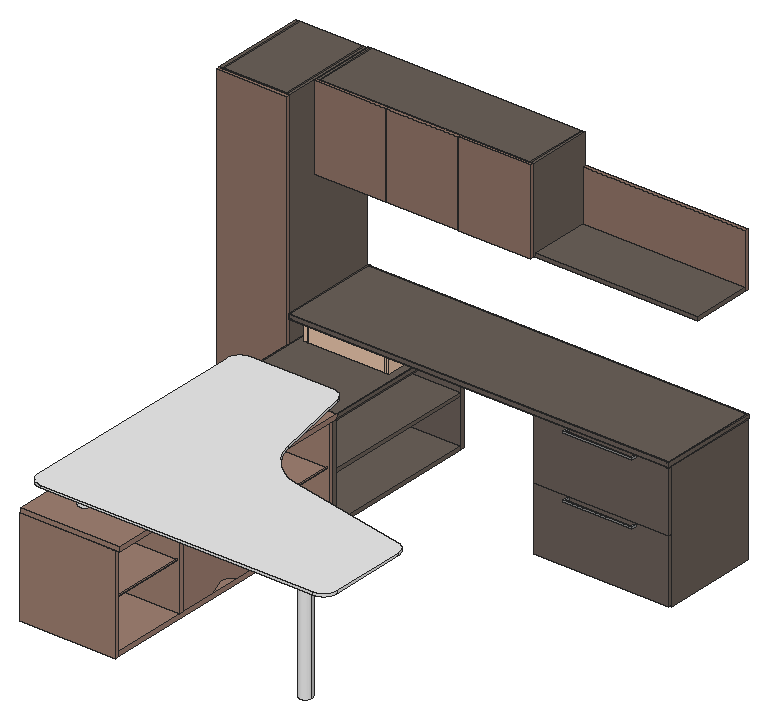
Revit family "T100240", category Furniture Systems, Revit 2022 (continued)
Definition of nested family "OFS STAKS Riser Support Pedestals - 6-LRSP-1815 6-LRSP-2615 6-LRSP-3215"
  Forms (in)
    Extrusion 7, solid, material <- "Finish", visible <- "L"
      sketch origin (0, 0, 0) x (-1, 0, 0) y (0, -1, 0)
        loop
          line (7.8125, 18.75) -> (-7.75, 18.75) -> (-7.75, 18) -> (7.37428, 18) -> (7.78504, 18.41076)
          arc (7.78504, 18.41076) -> (7.80536, 18.44118) -> (7.8125, 18.47706) r 0.09375
          line (7.8125, 18.47706) -> (7.8125, 18.75)
      from 22.75 to 27.25
  Dimensions and locks (in)
    plane 9 to plane 5 to plane 4 = 0' - 0 1/2" locked, 0' - 0 3/4" locked
    "Depth": plane 1 "Center Front/Back" to plane 4
    locked: plane 7 to plane 8 at 0.5
    locked: plane 7 to plane 4 at 16.75
    locked: plane 11 to plane 12 at 4.9375
    plane 12 to level = 1' - 10 7/16"
    plane 10 to plane 6 = 1' - 3 5/8"
    equal spacing: plane 10, plane 3 "Center Left/Right", plane 6
    aligned and locked: level to plane 2
    aligned and locked: Extrusion 5 to plane 8
    aligned and locked: plane 7 to Extrusion 5
    aligned and locked: plane 8 to Extrusion 6
  Automatic sketch dimensions
    Extrusion 1 sketch curve to plane 4 = 0' - 0"
    Extrusion 1 sketch curve to plane 5 = 0' - 0"
    Extrusion 1 sketch curve to plane 6 = 0' - 0"
    plane 6 to Extrusion 1 sketch curve = 0' - 0.02746"
    plane 6 to Extrusion 1 sketch curve = 0' - 0 3/32"
    plane 6 to Extrusion 1 sketch curve = 0' - 0.43822"
    plane 10 to Extrusion 1 sketch curve = 0' - 0 1/16"
    plane 4 to Extrusion 1 sketch curve = 0' - 0.27294"
    Extrusion 2 sketch curve to plane 10 = 0' - 0"
    Extrusion 2 sketch curve to plane 5 = 0' - 0"
    plane 10 to Extrusion 2 sketch curve = 0' - 1 1/32"
    plane 1 "Center Front/Back" to Extrusion 2 sketch curve = 0' - 1"
    Extrusion 3 sketch curve to plane 5 = 0' - 0"
    Extrusion 3 sketch curve to plane 6 = 0' - 0"
    plane 6 to Extrusion 3 sketch curve = 0' - 1 1/32"
    plane 1 "Center Front/Back" to Extrusion 3 sketch curve = 0' - 1"
    Extrusion 4 sketch curve to plane 10 = 0' - 0"
    Extrusion 4 sketch curve to plane 6 = 0' - 0"
    plane 1 "Center Front/Back" to Extrusion 4 sketch curve = 0' - 0"
    plane 1 "Center Front/Back" to Extrusion 4 sketch curve = 0' - 1"
    Extrusion 5 sketch curve to plane 5 = 0' - 0"
    Extrusion 5 sketch curve to plane 7 = 0' - 0"
    Extrusion 5 sketch curve to plane 8 = 0' - 0"
    Extrusion 5 sketch curve to plane 9 = 0' - 0"
    plane 10 to Extrusion 5 sketch curve = 0' - 1 17/32"
    Extrusion 5 sketch curve to Extrusion 5 sketch curve = 0' - 0 1/2"  (x2)
    plane 6 to Extrusion 5 sketch curve = 0' - 2 1/32"
    Extrusion 6 sketch curve to plane 9 = 0' - 0"
    Extrusion 6 sketch curve to plane 8 = 0' - 0"
    plane 10 to Extrusion 6 sketch curve = 0' - 2 1/32"
    plane 6 to Extrusion 6 sketch curve = 0' - 2 1/32"
    Extrusion 7 sketch curve to plane 4 = 0' - 0"
    Extrusion 7 sketch curve to plane 5 = 0' - 0"
    Extrusion 7 sketch curve to plane 10 = 0' - 0"
    plane 10 to Extrusion 7 sketch curve = 0' - 0.02746"
    plane 10 to Extrusion 7 sketch curve = 0' - 0 3/32"
    plane 10 to Extrusion 7 sketch curve = 0' - 0.43822"
    plane 6 to Extrusion 7 sketch curve = 0' - 0 1/16"
    plane 4 to Extrusion 7 sketch curve = 0' - 0.33924"
